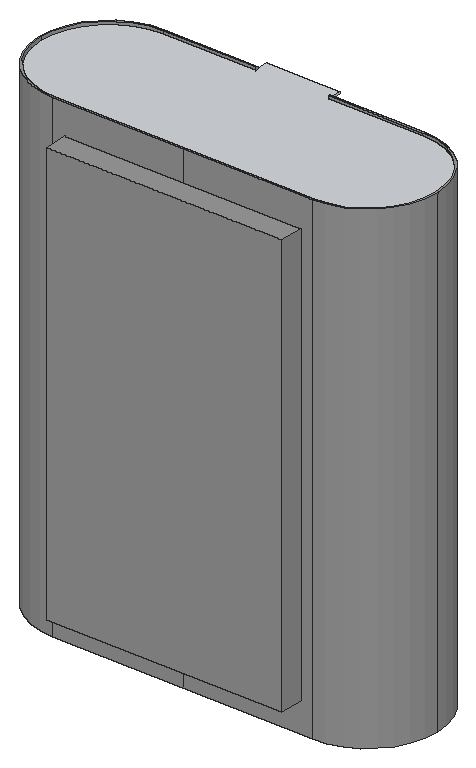
Revit family "3310 Björk_Sanitary bin", category Furniture Systems, host Wall, Revit 2017
Family settings
  Host = Wall
  Round Connector Dimension = Use Diameter
  Part Type = Normal
  Always vertical = Yes
  Cut with Voids When Loaded = No
  Shared = No
  Room Calculation Point = No
Parameters (values of type "BLACK")
  Surface Top = RAL FARVE
  Surface Frame = RAL FARVE
  Surface Bottom = RAL FARVE
  Open = no
  Offset from floor = 150 mm
  Closed = yes
Reference planes
  plane 1 "Wall": y = 0
  plane 2 "Center (Left/Right)": x = 125
  plane 3 "Back": y = 75
Text (mm)
  text "Placement Side" at (-1848.837, 1116.779, 0), in view "Ref. Level"
  text "Placement side" at (0, 1409.804, 2854.306), in view "Left"
  text "Placement side" at (0, 499.811, 2980.732), in view "Right"
Dimensions and locks
  locked: plane 3 "Back" to host wall
  "Offset from floor": nested 1 to level
  aligned and locked: plane 1 "Wall" to host wall
  aligned and locked: plane 3 "Back" to nested 1
Nested families
  nested 1: "Master Björk Sanitary bin" at (125, 151.5, 150) x (-1, 0, 0) z (0, 0, 1), type "Master Björk Sanitary bin"
    with Open no
Definition of nested family "Master Björk Sanitary bin"
  Parameters (values of type "Master Björk Sanitary bin")
    Surface Top = none
    Surface Frame = none
    Surface Bottom = none
    Open = yes
    Closed = yes
  Reference planes
    plane 1 "Center (Front/Back)": y = 0
    plane 2: z = 0
    plane 3 "Center (Left/Right)": x = 0
  Dimensions and locks
    aligned and locked: level to plane 2
  Nested families
    nested 1: "Top - Bottom" at (0, 0, 0), visible <- "Closed", type "Top - Bottom"
    nested 2: "Frame" at (0, 0, 0), type "Frame"
    nested 3: "Top - Bottom Open" at (0, 0, 0), visible <- "Open", type "Top - Bottom Open"
  Definition of nested family "Top - Bottom"
    Parameters (values of type "Top - Bottom")
      Surface Frame = none
      Surface Bottom = none
    Reference planes
      plane 1 "Center (Front/Back)": y = 0
      plane 2: z = 0
      plane 3 "Center (Left/Right)": x = 0
    Forms (mm)
      Extrusion 1, solid, material <- "Surface Bottom"
        sketch origin (0, 129.723, 20) x (0, -1, 0) y (1, 0, 0)
          loop
            arc (73.723, -107.5) -> (90.125, -147.098) -> (129.723, -163.5) r 56
            arc (129.723, -163.5) -> (169.321, -147.098) -> (185.723, -107.5) r 56
            line (185.723, -107.5) -> (185.723, 107.5)
            arc (185.723, 107.5) -> (169.321, 147.098) -> (129.723, 163.5) r 56
            arc (129.723, 163.5) -> (90.125, 147.098) -> (73.723, 107.5) r 56
            line (73.723, 107.5) -> (73.723, -107.5)
        from 0 to 1.5
      Extrusion 2, solid
        sketch origin (0, 129.723, 396.5) x (0, -1, 0) y (1, 0, 0)
          loop
            arc (73.723, -107.5) -> (90.125, -147.098) -> (129.723, -163.5) r 56
            arc (129.723, -163.5) -> (169.321, -147.098) -> (185.723, -107.5) r 56
            line (185.723, -107.5) -> (185.723, -30) -> (197.223, -30) -> (197.223, 0) -> (197.223, 30) -> (185.723, 30) -> (185.723, 107.5)
            arc (185.723, 107.5) -> (169.321, 147.098) -> (129.723, 163.5) r 56
            arc (129.723, 163.5) -> (90.125, 147.098) -> (73.723, 107.5) r 56
            line (73.723, 107.5) -> (73.723, -107.5)
        from 0 to 1.5
    Lines and regions (mm)
      reference lines
        curve 1: line (0, 129.723, 396.5) -> (0, -190.277, 396.5)
        curve 2: line (0, 129.723, 20) -> (0, -150.277, 20)
    Dimensions and locks
      aligned and locked: level to plane 2
  Definition of nested family "Frame"
    Parameters (values of type "Frame")
      Surface Top = none
      Surface Frame = none
      Surface Bottom = none
    Reference planes
      plane 1 "Center (Front/Back)": y = 0
      plane 2: z = 0
      plane 3 "Center (Left/Right)": x = 0
    Forms (mm)
      Extrusion 1, solid, material <- "Surface Frame"
        sketch origin (0, 0, 0) x (1, 0, 0) y (0, 1, 0)
          loop
            line (0, 57.5) -> (-107.5, 57.5)
            arc (-107.5, 57.5) -> (-148.159, 40.659) -> (-165, 0) r 57.5
            arc (-165, 0) -> (-148.159, -40.659) -> (-107.5, -57.5) r 57.5
            line (-107.5, -57.5) -> (0, -57.5) -> (107.5, -57.5)
            arc (107.5, -57.5) -> (148.159, -40.659) -> (165, 0) r 57.5
            arc (165, 0) -> (148.159, 40.659) -> (107.5, 57.5) r 57.5
            line (107.5, 57.5) -> (0, 57.5)
          loop
            arc (-107.5, 56) -> (-147.098, 39.598) -> (-163.5, 0) r 56
            arc (-163.5, 0) -> (-147.098, -39.598) -> (-107.5, -56) r 56
            line (-107.5, -56) -> (107.5, -56)
            arc (107.5, -56) -> (147.098, -39.598) -> (163.5, 0) r 56
            arc (163.5, 0) -> (147.098, 39.598) -> (107.5, 56) r 56
            line (107.5, 56) -> (-107.5, 56)
        from 0 to 400
      Extrusion 2, solid, material <- "Surface Frame"
        sketch origin (0, 57.5, 0) x (-1, 0, 0) y (0, 0, 1)
          loop
            line (-97.5, 375) -> (-97.5, 25) -> (97.5, 25) -> (97.5, 375) -> (-97.5, 375)
        from 0 to 19
      Extrusion 3, void
        sketch origin (0, 0, 0) x (1, 0, 0) y (0, 1, 0)
          loop
            line (-30, -53.768) -> (-30, -68.768) -> (30, -68.768) -> (30, -53.768) -> (-30, -53.768)
        from 396.5 to 403.782
    Cuts and joins
      Extrusion 3 cuts Extrusion 1
    Dimensions and locks
      cut or joined group of Extrusion 1, Extrusion 3 to cut or joined group of Extrusion 1, Extrusion 3 = 3.5 mm
      aligned and locked: level to plane 2
  Definition of nested family "Top - Bottom Open"
    Parameters (values of type "Top - Bottom Open")
      Surface Frame = none
      Surface Bottom = none
    Reference planes
      plane 1 "Center (Front/Back)": y = 0
      plane 2: z = 0
      plane 3 "Center (Left/Right)": x = 0
    Forms (mm)
      Extrusion 1, solid, material <- "Surface Bottom"
        sketch origin (0, 129.723, 20) x (0, -1, 0) y (1, 0, 0)
          loop
            arc (73.723, -107.5) -> (90.125, -147.098) -> (129.723, -163.5) r 56
            arc (129.723, -163.5) -> (169.321, -147.098) -> (185.723, -107.5) r 56
            line (185.723, -107.5) -> (185.723, 107.5)
            arc (185.723, 107.5) -> (169.321, 147.098) -> (129.723, 163.5) r 56
            arc (129.723, 163.5) -> (90.125, 147.098) -> (73.723, 107.5) r 56
            line (73.723, 107.5) -> (73.723, -107.5)
        from 0 to 1.5
      Extrusion 2, solid
        sketch origin (0, 54.5, 324.277) x (0, 0, 1) y (1, 0, 0)
          loop
            arc (73.723, -107.5) -> (90.125, -147.098) -> (129.723, -163.5) r 56
            arc (129.723, -163.5) -> (169.321, -147.098) -> (185.723, -107.5) r 56
            line (185.723, -107.5) -> (185.723, -30) -> (197.223, -30) -> (197.223, 0) -> (197.223, 30) -> (185.723, 30) -> (185.723, 107.5)
            arc (185.723, 107.5) -> (169.321, 147.098) -> (129.723, 163.5) r 56
            arc (129.723, 163.5) -> (90.125, 147.098) -> (73.723, 107.5) r 56
            line (73.723, 107.5) -> (73.723, -107.5)
        from 0 to 1.5
    Lines and regions (mm)
      reference lines
        curve 1: line (0, 129.723, 396.5) -> (0, -190.277, 396.5)
        curve 2: line (0, 129.723, 20) -> (0, -150.277, 20)
    Dimensions and locks
      aligned and locked: level to plane 2
